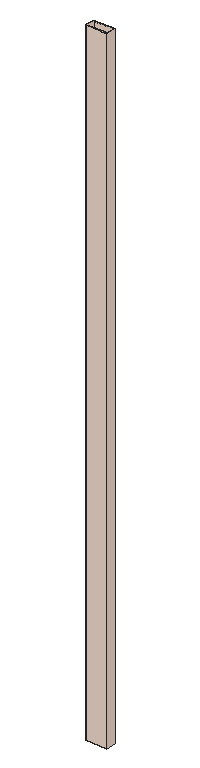
Revit family "SQ-BAR45100(1.2)", category 機械設備, Revit 2020
Family settings
  丸型コネクタ寸法 = 直径を使用
  パーツ タイプ = 標準
  OmniClass 番号 = 23.75.00.00
  OmniClass タイトル = Climate Control (HVAC)
  作業面ベース = いいえ
  常に垂直 = はい
  ロード時にボイドで切り取り = いいえ
  共有 = いいえ
  部屋計算ポイント = いいえ
Parameters
  製造元 = "株式会社桐井製作所"
  既定の高さ = 0 mm
  URL = "https://www.kirii.co.jp/"
  K_長さ(mm) [instance] = 3000 mm
  K_外形寸法(mm) = "□45×100×1.2"
  K_品名 = "SQ-BAR45100(1.2)"
  K_名称 = "スタッド"
  K_バージョン情報 = "20210714"
Reference planes
  plane 1 "中心(正面/背面)": y = 0
  plane 2: z = 0
  plane 3 "中心(左/右)": x = 0
  plane 4: z = 3000
Forms (mm)
  Extrusion 1, solid
    sketch origin (0, 0, 0) x (1, 0, 0) y (0, 1, 0)
      loop
        line (-50, 0) -> (50, 0) -> (50, 45) -> (-50, 45) -> (-50, 0)
      loop
        line (-48.8, 1.2) -> (48.8, 1.2) -> (48.8, 43.8) -> (-48.8, 43.8) -> (-48.8, 1.2)
    from 0 to 3000
Dimensions and locks
  "K_長さ(mm)": plane 4 to plane 2
  aligned and locked: level to plane 2
  aligned and locked: plane 4 to Extrusion 1
Automatic sketch dimensions
  plane 1 "中心(正面/背面)" to Extrusion 1 sketch curve = 0 mm
  Extrusion 1 sketch curve to plane 3 "中心(左/右)" = 50 mm
  Extrusion 1 sketch curve to Extrusion 1 sketch curve = 1.2 mm  (x3)
  Extrusion 1 sketch curve to plane 1 "中心(正面/背面)" = 1.2 mm
  plane 3 "中心(左/右)" to Extrusion 1 sketch curve = 48.8 mm
  Extrusion 1 sketch curve to Extrusion 1 sketch curve = 42.6 mm
